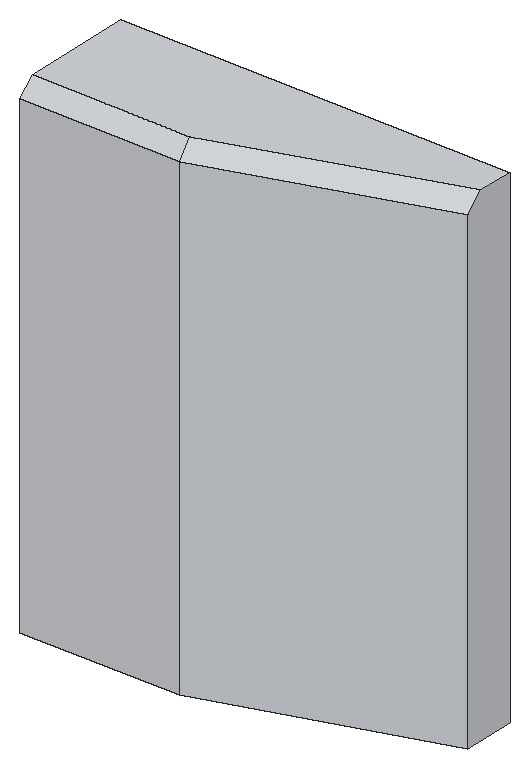
Revit family "OracDecor_D330LR", category Обобщенные модели, Revit 2019
Family settings
  Может служить основой для арматурных стержней = Нет
  Размер круглого соединителя = Использовать диаметр
  Тип детали = Нормальный
  На основе рабочей плоскости = Нет
  Всегда вертикально = Да
  При загрузке вырезать с полостями = Нет
  Общий = Нет
  Точка расчета площади = Нет
Parameters
  Изготовитель = "Family from POCHERTEAM"  # constant formula
  URL = "t.me/pocherteam"
Reference planes
  plane 1 "По центру (Вперед/Назад)": y = 0
  plane 2: z = 0
  plane 3 "По центру (Влево/Вправо)": x = 0
Forms (mm)
  Extrusion 1, solid
    sketch origin (0, 0, 0) x (1, 0, 0) y (0, 1, 0)
      loop
        line (0, 0) -> (0, -41) -> (51.936, -41) -> (126, -17) -> (126, 0) -> (0, 0)
    from 0 to 160
  Sweep 2, void
    path origin (0, 0, 160) x (1, 0, 0) y (0, 1, 0)
      loop
        line (0, -41) -> (51.936, -41) -> (129.328, -15.922)
    profile origin (25.968, -41, 160) x (0, 1, 0) y (0, 0, 1)
      loop
        line (0, 0) -> (0, -4.958) -> (4.958, 0) -> (0, 0)
Cuts and joins
  Sweep 2 cuts Extrusion 1
Dimensions and locks
  cut or joined group of Extrusion 1, Sweep 2 to plane 1 "По центру (Вперед/Назад)" = 41 mm
  cut or joined group of Extrusion 1, Sweep 2 to cut or joined group of Extrusion 1, Sweep 2 = 160 mm
  cut or joined group of Extrusion 1, Sweep 2 to cut or joined group of Extrusion 1, Sweep 2 = 126 mm
  aligned and locked: level to plane 2
